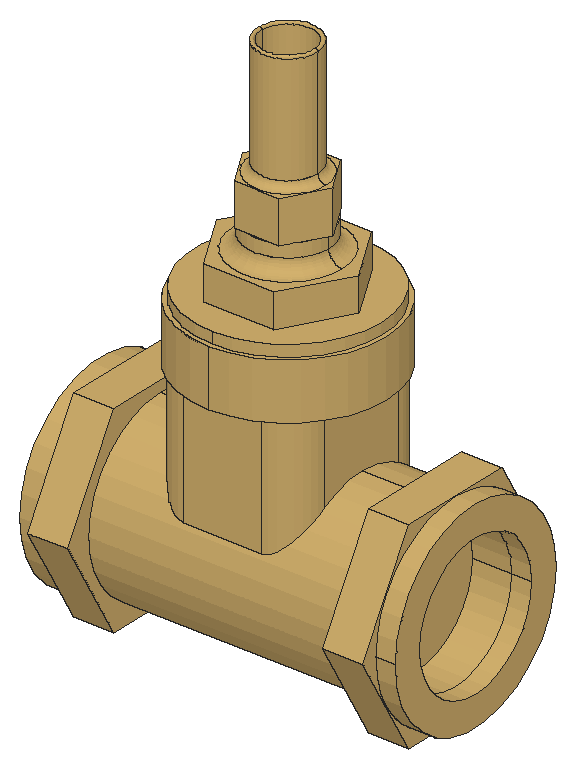
Revit family "M_Gate Valve_Bronze_Compression_Ended_15 to 50 mm", category Pipe Accessories, Revit 2014
Parameters (values of type "50mm")
  _distributed by = ""
  _current revision = 1  # constant formula
  _author = "Mark Thompson"
  _End Nut Thickness = 21.3 mm
  _End Nut Diameter = 71 mm
  _BIMspec_GUID = 0
  Weight (kg) = 2.5
  WarrantyStartDate = ""
  WarrantyGuarantorParts = ""
  WarrantyGuarantorLabor = ""
  WarrantyDurationUnit = "12 months"
  WarrantyDurationParts = ""
  WarrantyDurationLabor = ""
  WarrantyDuration = "12 months"
  WarrantyDescription = ""
  Valve Material = Brass, Soft Yellow
  Uniclass2 = "WR-90-94-95"
  URL = ""
  UK End Connection = "Compression ends to BS EN 1057: 2006: Half hard R250"
  TypeName = ""
  Type Comments = "54mm"
  _Top of Stem = 57.5 mm
  Tommy Bar = "Mild Steel"
  Temperature deg C = "-10 to 120°C"
  TagNumber = ""
  Stem Retainer = "DZR Brass BS EN 12164 CW602N"
  Stem Loop Width = Body Radius * 0.9  # 28.755 mm
  Stem Loop Length = _Bonnet Lower Radius * 1.5  # 52.5 mm
  Stem Height = B mm - (_Top of Stem + _Bonnet Lower Depth + Bonnet Upper Depth + _Packing Ring Height + _Packing Ring Neck Height)  # 57 mm
  Stem Diameter = _Lockshield Nut Diameter / 5  # 5.5 mm
  Stem Corner Radius = Connection Size / 4  # 12.5 mm
  Stem = "DZR Brass BS EN 12164 CW602N"
  Specification Notes = "Valves are manufactured in accordance with BS EN 12288: 2003 (formerly BS 5154) PN20 for Series B ratings, but are limited to the pressure/temperature ratings detailed in BS EN 1057: 2006 for compression end fittings. This valve is to be used on Group 2 liquids only as defined by the Pressure Equipment Directive 97/23/EC."
  SpareParts = ""
  SerialNumber = ""
  ReplacementCost = ""
  Product Page URL = ""
  Product Model [instance] = "30CLS"
  Product Documentation Link = "http://www.hattersley.com/documents/Fig_30C_30CLS_Gate_Valve_Hattersley_0813_v3.pdf"
  Product Description = "Bronze Compression Ended Gate Valve with Lockshield"
  Pressure Rating (Cat) = "PN16"
  Pressure (BAR) = "http://www.hattersley.com/documents/Fig_30C_30CLS_Gate_Valve_Hattersley_0813_v3.pdf"
  _Packing Ring Neck Height = 9.5 mm
  Packing Ring Neck Diameter = Packing Ring Diameter / 3  # 14.444 mm
  _Packing Ring Height = 12 mm
  Packing Ring Diameter = Bonnet Upper Radius * 1.3  # 43.333 mm
  _Lockshield Nut Height = 15 mm
  _Lockshield Nut Diameter = 27.5 mm
  Packing Ring = "Asbestos Free (WRAS Listed and Approved)"
  Operator = "Lockshield"
  Name = ""
  ModelNumber = ""
  Model = "30C"
  Manufacturer = "Hattersley Ltd"
  Loss Method = K Coefficient
  Lockshield = "Brass BS EN 12164 CW614N"
  Keynote = "S"
  K Coefficient = 230
  InstallationDate = ""
  ID Plate = "Aluminium"
  H2 mm = A mm / 3 * 2  # 88.667 mm
  Gland = "Brass BS EN 12164 CW614N"
  F mm = 100 mm
  Extidentifier = ""
  ExpectedLife = 0
  Exidentifier = ""
  E mm = 125 mm
  DurationUnit = ""
  DocumentationLink URL = "http://www.hattersley.com/documents/Fig_30C_30CLS_Gate_Valve_Hattersley_0813_v3.pdf"
  Disc = "Bronze BS EN 1982 CC491K"
  Description = "Hattersley gate valves offer the ultimate in dependable service wherever minimum pressure drop is important.They serve as efficient stop valves with fluid flow in either direction. The straight through design offers little resistance to flow and reduces pressure drop to a minimum. A gate-like disc - actuated by a stem screw and handwheel - moves up and down at right angles to the path of flow, and seats against two seat faces to shut off the flow. Gate valves are not recommended for throttling since the control characteristic is not appropriate and subsequent damage due to erosion may prevent the valve providing an effective shut off."
  D mm = 37 mm
  CreatedOn = ""
  CreatedBy = ""
  ConnectionType = ""
  Connection Size Radius = Connection Size / 2  # 25 mm
  Connection Size = 50 mm
  Compression Olive = "Brass BS EN 12449:1999 CW505L or CW507L"
  Compression Nut = "Brass BS EN 12165 CW617N"
  Box Spanner = "Mild Steel"
  Bonnet Upper Depth = _Bonnet Lower Depth / 5  # 4 mm
  Bonnet Upper Radius = _Bonnet Lower Radius / 1.05  # 33.333 mm
  _Bonnet Lower Depth = 20 mm
  _Bonnet Lower Radius = 35 mm
  Bonnet = "Bronze BS EN 1982 CC491K"
  Body Width = A mm - (2 * _End Nut Thickness)  # 90.4 mm
  Body Radius = _End Nut Diameter * 0.45  # 31.95 mm
  Body = "Bronze BS EN 1982 CC491K"
  Barcode_2 = 0
  BarCode = ""
  B mm = 160 mm
  Assetidentifier_2 = ""
  AssetType = ""
  AssetIdentifier = ""
  Assembly Code = "D30"
  Approvals = "WRAS"
  A mm = 133 mm
Types (6, lengths in mm): name | _distributed by | _End Nut Thickness | _End Nut Diameter | Weight (kg) | URL | Type Comments | _Top of Stem | Stem Loop Width | Stem Loop Length | Stem Height | Stem Diameter | Stem Corner Radius | Product Page URL | _Packing Ring Neck Height | Packing Ring Neck Diameter | _Packing Ring Height | Packing Ring Diameter | _Lockshield Nut Height | _Lockshield Nut Diameter | Model | K Coefficient | H2 mm | Gland | E mm | D mm | Connection Size Radius | Connection Size | Bonnet Upper Depth | Bonnet Upper Radius | _Bonnet Lower Depth | _Bonnet Lower Radius | Body Width | Body Radius | B mm | A mm
  15mm | "www.bimstore.co.uk" | 14.3 | 25.4 | 0.34 | "http://www.hattersley.com/" | "15mm" | 18 | 10.287 | 22.5 | 37.96 | 3.38 | 3.75 | "http://www.hattersley.com/productView.asp?prodID=156&catID=2" | 3 | 6.19 | 8 | 18.571 | 10.8 | 16.9 | "30CLS" | 14 | 46 | "" | 90 | 26.5 | 7.5 | 15 | 1.84 | 14.286 | 9.2 | 15 | 40.4 | 11.43 | 78 | 69
  20mm | "www.bimstore.co.uk" | 14.3 | 33.9 | 0.5 | "http://www.hattersley.com/" | "22mm" | 22.5 | 13.729 | 25.95 | 41.84 | 3.38 | 5 | "http://www.hattersley.com/productView.asp?prodID=156&catID=2" | 3.2 | 7.14 | 9.5 | 21.419 | 10.8 | 16.9 | "30C" | 32 | 50 | "" | 90 | 23.5 | 10 | 20 | 2.16 | 16.476 | 10.8 | 17.3 | 46.4 | 15.255 | 90 | 75
  25mm | "www.bimstore.co.uk" | 15.7 | 39.5 | 0.7 | "http://www.hattersley.com/" | "28mm" | 28.5 | 15.998 | 31.5 | 51.3 | 4.2 | 6.25 | "http://www.hattersley.com/productView.asp?prodID=156&catID=2" | 5.7 | 8.667 | 9.5 | 26 | 13.5 | 21 | "30C" | 57 | 57.333 | "Brass BS EN 12164 CW614N" | 125 | 25.5 | 12.5 | 25 | 2.5 | 20 | 12.5 | 21 | 54.6 | 17.775 | 110 | 86
  32mm | "www.bimstore.co.uk" | 17.1 | 47 | 0.95 | "http://www.hattersley.com/" | "35mm" | 35 | 19.035 | 37.5 | 45.5 | 4.2 | 8 | "http://www.hattersley.com/productView.asp?prodID=156&catID=2" | 5.7 | 10.317 | 10.2 | 30.952 | 13.5 | 21 | "30C" | 90 | 66.667 | "Brass BS EN 12164 CW614N" | 125 | 30.5 | 16 | 32 | 3.1 | 23.81 | 15.5 | 25 | 65.8 | 21.15 | 115 | 100
  40mm | "www.bimstore.co.uk" | 18 | 55.5 | 1.45 | "http://www.hattersley.com/" | "42mm" | 41 | 22.478 | 42 | 56.2 | 5 | 10 | "http://www.hattersley.com/productView.asp?prodID=156&catID=2" | 6 | 11.556 | 11.8 | 34.667 | 15 | 25 | "30C" | 129 | 74 | "Brass BS EN 12164 CW614N" | 125 | 34.5 | 20 | 40 | 3.5 | 26.667 | 17.5 | 28 | 75 | 24.975 | 136 | 111
  50mm | "" | 21.3 | 71 | 2.5 | "" | "54mm" | 57.5 | 28.755 | 52.5 | 57 | 5.5 | 12.5 | "" | 9.5 | 14.444 | 12 | 43.333 | 15 | 27.5 | "30C" | 230 | 88.667 | "Brass BS EN 12164 CW614N" | 125 | 37 | 25 | 50 | 4 | 33.333 | 20 | 35 | 90.4 | 31.95 | 160 | 133
Reference planes
  plane 1 "Center (Front/Back)": y = 0
  plane 2: z = 0
  plane 3 "Center (Left/Right)": x = 0
  plane 4: x = -66.5
  plane 5: x = -45.2
  plane 6: x = 45.2
  plane 7: x = 66.5
  plane 8: z = 57.5
  plane 9: z = 77.5
  plane 10: z = 81.5
  plane 11: x = -26.25
  plane 12: x = 26.25
  plane 13: y = -28.755
  plane 14: y = 28.755
  plane 15: z = 160
  plane 16: y = 25
  plane 17: y = -25
  plane 18: y = -14.377
  plane 19: x = -18.5
  plane 20: x = 18.5
  plane 21: y = 44.333
  plane 22: y = -44.333
Forms (mm)
  Revolve 1, solid, material "Brass, Soft Yellow" <- "Valve Material", detail levels fine
    sketch origin (0, 0, 0) x (1, 0, 0) y (0, 0, 1)
      loop
        line (-45.2, 0) -> (45.2, 0) -> (45.2, 31.95) -> (-45.2, 31.95) -> (-45.2, 0)
      axis (-45.2, 0) -> (45.2, 0)
    angle from 0 to 360
  Extrusion 2, solid, material "Brass, Soft Yellow" <- "Valve Material", detail levels fine
    sketch origin (0, 0, 0) x (1, 0, 0) y (0, 1, 0)
      loop
        arc (-13.75, 28.755) -> (-22.589, 25.094) -> (-26.25, 16.255) r 12.5
        line (-26.25, 16.255) -> (-26.25, -16.255)
        arc (-26.25, -16.255) -> (-22.589, -25.094) -> (-13.75, -28.755) r 12.5
        line (-13.75, -28.755) -> (13.75, -28.755)
        arc (13.75, -28.755) -> (22.589, -25.094) -> (26.25, -16.255) r 12.5
        line (26.25, -16.255) -> (26.25, 16.255)
        arc (26.25, 16.255) -> (22.589, 25.094) -> (13.75, 28.755) r 12.5
        line (13.75, 28.755) -> (-13.75, 28.755)
    from 0 to 57.5
Cuts and joins
  joined: Revolve 1, Extrusion 2
Lines and regions (mm)
  reference lines
    curve 1: line (-66.5, 0, 0) -> (66.5, 0, 0)
  model lines, detail levels coarse+medium
    curve 2: line (-66.5, -44.333, 0) -> (-66.5, 44.333, 0)
    curve 3: line (-66.5, 44.333, 0) -> (66.5, -44.333, 0)
    curve 4: line (66.5, -44.333, 0) -> (66.5, 44.333, 0)
    curve 5: line (66.5, 44.333, 0) -> (-66.5, -44.333, 0)
Dimensions and locks
  "A mm": plane 7 to plane 4
  equal spacing: plane 7, plane 3 "Center (Left/Right)", plane 4
  equal spacing: plane 6, plane 3 "Center (Left/Right)", plane 5
  "Body Width": plane 6 to plane 5
  "Body Radius": Revolve 1 sketch curve to Revolve 1 sketch curve
  equal spacing: plane 12, plane 3 "Center (Left/Right)", plane 11
  "Stem Loop Length": plane 12 to plane 11
  equal spacing: plane 13, plane 1 "Center (Front/Back)", plane 14
  "Stem Loop Width": plane 13 to plane 1 "Center (Front/Back)"
  "_Top of Stem": plane 8 to level
  "_Bonnet Lower Depth": plane 9 to plane 8
  "Bonnet Upper Depth": plane 10 to plane 9
  "B mm": plane 15 to level
  equal spacing: plane 17, plane 1 "Center (Front/Back)", plane 16
  "Connection Size": plane 16 to plane 17
  equal spacing: plane 13, plane 18, plane 1 "Center (Front/Back)"
  equal spacing: plane 20, plane 3 "Center (Left/Right)", plane 19
  "D mm": plane 20 to plane 19
  equal spacing: plane 21, plane 1 "Center (Front/Back)", plane 22
  "H2 mm": plane 21 to plane 22
  "Stem Corner Radius": radius of Extrusion 2 sketch curve  (x4)
  aligned and locked: level to plane 2
  aligned and locked: Revolve 1 sketch curve to level
  aligned and locked: Revolve 1 sketch curve to plane 5
  aligned and locked: Revolve 1 sketch curve to plane 6
  aligned and locked: plane 1 "Center (Front/Back)" to nested 2
  aligned and locked: plane 3 "Center (Left/Right)" to nested 2
  aligned and locked: plane 13 to Extrusion 2 sketch curve
  aligned and locked: plane 12 to Extrusion 2 sketch curve
  aligned and locked: Extrusion 2 sketch curve to plane 14
  aligned and locked: plane 11 to Extrusion 2 sketch curve
  aligned and locked: Extrusion 2 to level
  aligned and locked: plane 8 to Extrusion 2
  aligned and locked: plane 1 "Center (Front/Back)" to nested 1
  aligned and locked: nested 1 to plane 3 "Center (Left/Right)"
  aligned and locked: plane 4 to curve 1
  aligned and locked: plane 7 to curve 1
  aligned and locked: plane 1 "Center (Front/Back)" to curve 1
  aligned and locked: nested 3 to level
  aligned and locked: nested 3 to plane 1 "Center (Front/Back)"
  aligned and locked: nested 3 to plane 2
  aligned and locked: plane 1 "Center (Front/Back)" to nested 5
  aligned and locked: plane 3 "Center (Left/Right)" to nested 5
Automatic sketch dimensions
  curve 5 to plane 4 = 0 mm
  curve 4 to plane 7 = 0 mm
  curve 4 to plane 22 = 0 mm
  curve 2 to plane 22 = 0 mm
  curve 5 to plane 21 = 0 mm
  curve 3 to plane 21 = 0 mm
  Revolve 1 sketch curve to level = 0 mm
  Revolve 1 sketch curve to plane 4 = 1135.537 mm
  plane 7 to Revolve 1 sketch curve = 1740.029 mm
  Extrusion 2 sketch curve to plane 11 = 0 mm
Nested families
  nested 1: "Bonnet" at (0, 0, 57.5) x (0, -1, 0) z (0, 0, 1), type "Bonnet", detail levels fine
    with Upper Radius 33.333 mm, Upper Depth 4 mm, Lower Depth 20 mm
  nested 2: "Packing_Ring" at (0, 0, 81.5), type "Packing Ring", detail levels fine
    with Packing Ring Neck Radius 14.444 mm, Packing Ring Neck Height 9.5 mm, Packing Ring Hex Dia 43.333 mm, Packing Ring Hex Height 12 mm, Curve Radius 4.815 mm
  nested 3: "Compression_Nut" at (45.2, 0, 0) x (0, 1, 0) z (1, 0, 0), type "Compression_Nut", detail levels fine
    with Protrusion Radius 35.5 mm, Protrusion Depth 7.1 mm, Diameter 71 mm, Connection Size Radius 25 mm, Connection Hex Depth 21.3 mm
  nested 4: "Compression_Nut" at (-45.2, 0, 0) x (0, 0.5, 0.866) z (-1, 0, 0), type "Compression_Nut", detail levels fine
    with Protrusion Radius 35.5 mm, Protrusion Depth 7.1 mm, Diameter 71 mm, Connection Size Radius 25 mm, Connection Hex Depth 21.3 mm
  nested 5: "Lockshield" at (0, 0, 103), type "Lockshield", detail levels fine
    with Top Curve 0.661 mm, Neck Thickness 1.322 mm, Lockshield Neck Radius 10.577 mm, Lockshield Hex Diameter 27.5 mm, Lockshield Height 57 mm, Edge Curve 2.75 mm
Connectors
  piping at (66.5, 0, 0), diameter 50, driven by "Connection Size Radius", driven by "K Coefficient"
    settings: on curve 1, index 1, connector inside diameter 22 mm, connector length 0 mm, flow factor 0, pipe flow 0.0 L/s, pressure drop 0.0 Pa, fitting loss kfactor 230, connector angle 0.00°, fixture units 0, engagement length 0 mm, angle of deflection 0.00°, flow configuration 0, flow direction 0, fitting loss method 2, system type 7, joint type 0, gender type 0, connector reference index 2, connector utility 0, adjustable connector no, is connector primary yes, connector description ""
  piping at (-66.5, 0, 0), diameter 50, driven by "Connection Size Radius", driven by "K Coefficient"
    settings: on curve 1, index 2, connector inside diameter 22 mm, connector length 0 mm, flow factor 0, pipe flow 0.0 L/s, pressure drop 0.0 Pa, fitting loss kfactor 230, connector angle 0.00°, fixture units 0, engagement length 0 mm, angle of deflection 0.00°, flow configuration 0, flow direction 0, fitting loss method 2, system type 7, joint type 0, gender type 0, connector reference index 1, connector utility 0, adjustable connector no, is connector primary no, connector description ""
Definition of nested family "Bonnet"
  Parameters (values of type "Bonnet")
    Upper Radius = 36.5 mm
    Upper Depth = 17 mm
    Bonnet Material = Brass, Soft Yellow
    Lower Radius = 35 mm
    Lower Depth = 8 mm
    Default Elevation = 0 mm
  Reference planes
    plane 1 "Center (Front/Back)": y = 0
    plane 2: z = 0
    plane 3 "Center (Left/Right)": x = 0
    plane 4: z = 8
    plane 5: z = 25
  Forms (mm)
    Extrusion 1, solid
      sketch origin (0, 0, 0) x (1, 0, 0) y (0, 1, 0)
        loop
          line (-1219.2, 1219.2) -> (-1219.2, -1219.2) -> (1219.2, -1219.2) -> (1219.2, 1219.2) -> (-1219.2, 1219.2)
      from 0 to -304.8
    Extrusion 2, solid, material "Brass, Soft Yellow" <- "Bonnet Material"
      sketch origin (0, 0, 0) x (1, 0, 0) y (0, 1, 0)
        loop
          circle (0, 0) r 36.5
      from 8 to 25
    Extrusion 3, solid, material "Brass, Soft Yellow" <- "Bonnet Material"
      sketch origin (0, 0, 0) x (1, 0, 0) y (0, 1, 0)
        loop
          circle (0, 0) r 35
      from 0 to 8
  Dimensions and locks
    "Lower Depth": plane 4 to level
    "Upper Depth": plane 5 to plane 4
    "Lower Radius": radius of Extrusion 3 sketch curve
    "Upper Radius": radius of Extrusion 2 sketch curve
    aligned and locked: plane 2 to Extrusion 1
    aligned and locked: level to Extrusion 1
    aligned and locked: plane 4 to Extrusion 3
    aligned and locked: Extrusion 2 to plane 5
    aligned and locked: Extrusion 2 to plane 4
  Automatic sketch dimensions
    Extrusion 1 sketch curve to Extrusion 1 sketch curve = 2438.4 mm  (x2)
    plane 1 "Center (Front/Back)" to Extrusion 2 sketch curve = 0 mm
    Extrusion 2 sketch curve to plane 3 "Center (Left/Right)" = 0 mm
    plane 1 "Center (Front/Back)" to Extrusion 3 sketch curve = 0 mm
    Extrusion 3 sketch curve to plane 3 "Center (Left/Right)" = 0 mm
Definition of nested family "Packing_Ring"
  Parameters (values of type "Packing Ring")
    Packing Ring Neck Height = 6 mm
    Packing Ring Material = Brass, Soft Yellow
    Packing Ring Hex Dia = 20.429 mm
    Packing Ring Hex Height = 9 mm
    Packing Ring Neck Radius = 6.81 mm
    Default Elevation = 1219.2 mm
    Curve Radius = Packing Ring Hex Dia / 9  # 2.27 mm
  Reference planes
    plane 1 "Center (Front/Back)": y = 0
    plane 2: z = 0
    plane 3 "Center (Left/Right)": x = 0
    plane 4: through (116.154, 221.613, 1219.2) normal (0.866, -0.5, 0)
    plane 5: through (107.569, 186.315, 1219.2) normal (0.866, -0.5, 0)
    plane 6: through (116.415, 181.208, 1219.2) normal (0.866, -0.5, 0)
    plane 7: through (-116.154, 221.613, 1219.2) normal (0.866, 0.5, 0)
    plane 8: through (-107.569, 186.315, 1219.2) normal (0.866, 0.5, 0)
    plane 9: through (-116.415, 181.208, 1219.2) normal (0.866, 0.5, 0)
    plane 10: y = 10.214
    plane 11: y = -10.214
    plane 12: z = 9
    plane 13: z = 15
    plane 14: x = 9.079
    plane 15: x = 6.81
    plane 16: z = 11.27
  Forms (mm)
    Extrusion 1, solid
      sketch origin (0, 0, 0) x (1, 0, 0) y (0, 1, 0)
        loop
          line (-1219.2, 1219.2) -> (-1219.2, -1219.2) -> (1219.2, -1219.2) -> (1219.2, 1219.2) -> (-1219.2, 1219.2)
      from 0 to -304.8
    Extrusion 2, solid, material "Brass, Soft Yellow" <- "Packing Ring Material"
      sketch origin (0, 0, 0) x (1, 0, 0) y (0, 1, 0)
        loop
          line (11.794, 0) -> (5.897, 10.214) -> (-5.897, 10.214) -> (-11.794, 0) -> (-5.897, -10.214) -> (5.897, -10.214) -> (11.794, 0)
      from 0 to 9
    Revolve 3, solid, material "Brass, Soft Yellow" <- "Packing Ring Material"
      sketch origin (0, 0, 0) x (1, 0, 0) y (0, 0, 1)
        loop
          line (0, 9) -> (9.079, 9)
          arc (9.079, 9) -> (7.474, 9.665) -> (6.81, 11.27) r 2.27
          line (6.81, 11.27) -> (6.81, 15) -> (0, 15) -> (0, 9)
        axis (0, 15) -> (0, 9)
      angle from 0 to 360
  Cuts and joins
    joined: Extrusion 2, Revolve 3
  Dimensions and locks
    equal spacing: plane 10, plane 1 "Center (Front/Back)", plane 11
    "Packing Ring Hex Dia": plane 10 to plane 11
    equal spacing: plane 6, plane 5, plane 4
    "Packing Ring Hex Dia": plane 6 to plane 4
    equal spacing: plane 9, plane 8, plane 7
    "Packing Ring Hex Dia": plane 9 to plane 7
    "Packing Ring Hex Height": plane 12 to level
    "Packing Ring Neck Height": plane 13 to plane 12
    "Curve Radius": plane 14 to plane 15
    "Packing Ring Neck Radius": plane 15 to plane 3 "Center (Left/Right)"
    "Curve Radius": plane 16 to plane 12
    "Curve Radius": radius of Revolve 3 sketch curve
    aligned and locked: plane 2 to Extrusion 1
    aligned and locked: level to Extrusion 1
    aligned and locked: Extrusion 2 sketch curve to plane 4
    aligned and locked: plane 10 to Extrusion 2 sketch curve
    aligned and locked: Extrusion 2 sketch curve to plane 7
    aligned and locked: plane 6 to Extrusion 2 sketch curve
    aligned and locked: Extrusion 2 sketch curve to plane 11
    aligned and locked: plane 9 to Extrusion 2 sketch curve
    aligned and locked: plane 12 to Extrusion 2
    aligned and locked: Extrusion 2 to level
    aligned and locked: Revolve 3 sketch curve to plane 3 "Center (Left/Right)"  (x2)
    aligned and locked: Revolve 3 sketch curve to plane 12
    aligned and locked: Revolve 3 sketch curve to plane 13
    aligned and locked: Revolve 3 sketch curve to plane 15
  Automatic sketch dimensions
    Extrusion 1 sketch curve to Extrusion 1 sketch curve = 2438.4 mm  (x2)
    Revolve 3 sketch curve to level = 609.6 mm
    Revolve 3 sketch curve to Revolve 3 sketch curve = 2586.558 mm
Definition of nested family "Compression_Nut"
  Parameters (values of type "Compression_Nut")
    Valve Material = Brass, Soft Yellow
    Protrusion Radius = Diameter / 2  # 13.2 mm
    Protrusion Depth = Connection Hex Depth / 3  # 3.467 mm
    Diameter = 26.4 mm
    Default Elevation = 1219.2 mm
    Connection Size Radius = 4 mm
    Connection Hex Depth = 10.4 mm
  Reference planes
    plane 1 "Center (Front/Back)": y = 0
    plane 2: z = 0
    plane 3 "Center (Left/Right)": x = 0
    plane 4: y = 13.2
    plane 5: y = -13.2
    plane 6: through (-15, -25.981, 1219.2) normal (-0.866, 0.5, 0)
    plane 7: through (15, -25.981, 1219.2) normal (-0.866, -0.5, 0)
    plane 8: through (26.432, -19.381, 1219.2) normal (-0.866, -0.5, 0)
    plane 9: through (3.568, -32.581, 1219.2) normal (-0.866, -0.5, 0)
    plane 10: through (-26.432, -19.381, 1219.2) normal (-0.866, 0.5, 0)
    plane 11: through (-3.568, -32.581, 1219.2) normal (-0.866, 0.5, 0)
    plane 12: z = 6.933
    plane 13: z = 10.4
  Forms (mm)
    Extrusion 1, solid
      sketch origin (0, 0, 0) x (1, 0, 0) y (0, 1, 0)
        loop
          line (-1219.2, 1219.2) -> (-1219.2, -1219.2) -> (1219.2, -1219.2) -> (1219.2, 1219.2) -> (-1219.2, 1219.2)
      from 0 to -304.8
    Extrusion 2, solid, material "Brass, Soft Yellow" <- "Valve Material"
      sketch origin (0, 0, 0) x (1, 0, 0) y (0, 1, 0)
        loop
          line (-15.242, 0) -> (-7.621, -13.2) -> (7.621, -13.2) -> (15.242, 0) -> (7.621, 13.2) -> (-7.621, 13.2) -> (-15.242, 0)
        loop
          circle (0, 0) r 4
      from 0 to 6.933
    Extrusion 3, solid, material "Brass, Soft Yellow" <- "Valve Material"
      sketch origin (0, 0, 0) x (1, 0, 0) y (0, 1, 0)
        loop
          circle (0, 0) r 13.2
        loop
          circle (0, 0) r 4
      from 6.933 to 10.4
  Cuts and joins
    joined: Extrusion 2, Extrusion 3
  Dimensions and locks
    equal spacing: plane 4, plane 1 "Center (Front/Back)", plane 5
    "Diameter": plane 4 to plane 5
    equal spacing: plane 9, plane 7, plane 8
    equal spacing: plane 10, plane 6, plane 11
    "Diameter": plane 9 to plane 8
    "Diameter": plane 10 to plane 11
    "Connection Hex Depth": plane 13 to Extrusion 1
    "Protrusion Depth": plane 13 to plane 12
    "Connection Size Radius": radius of Extrusion 2 sketch curve
    "Protrusion Radius": radius of Extrusion 3 sketch curve
    "Connection Size Radius": radius of Extrusion 3 sketch curve
    aligned and locked: plane 2 to Extrusion 1
    aligned and locked: level to Extrusion 1
    aligned and locked: Extrusion 2 sketch curve to plane 10
    aligned and locked: Extrusion 2 sketch curve to plane 9
    aligned and locked: Extrusion 2 sketch curve to plane 5
    aligned and locked: Extrusion 2 sketch curve to plane 11
    aligned and locked: Extrusion 2 sketch curve to plane 8
    aligned and locked: Extrusion 2 sketch curve to plane 4
    aligned and locked: plane 1 "Center (Front/Back)" to Extrusion 2 sketch curve
    aligned and locked: plane 3 "Center (Left/Right)" to Extrusion 2 sketch curve
    aligned and locked: plane 12 to Extrusion 2
    aligned and locked: plane 1 "Center (Front/Back)" to Extrusion 3 sketch curve  (x2)
    aligned and locked: plane 3 "Center (Left/Right)" to Extrusion 3 sketch curve  (x2)
    aligned and locked: plane 13 to Extrusion 3
    aligned and locked: Extrusion 3 to plane 12
  Automatic sketch dimensions
    Extrusion 1 sketch curve to Extrusion 1 sketch curve = 2438.4 mm  (x2)
Definition of nested family "Lockshield"
  Parameters (values of type "Lockshield")
    Top Curve = Neck Thickness / 2  # 0.601 mm
    Neck Thickness = Lockshield Neck Radius / 8  # 1.202 mm
    Lockshield Neck Thickness = 2.375 mm
    Lockshield Neck Radius = Lockshield Hex Diameter / 2.6  # 9.615 mm
    Lockshield Material = Brass, Soft Yellow
    Lockshield Hex Height = 15 mm
    Lockshield Hex Diameter = 25 mm
    Lockshield Height = 38.3 mm
    Edge Curve = Lockshield Hex Diameter / 10  # 2.5 mm
    Default Elevation = 1219.2 mm
  Reference planes
    plane 1 "Center (Front/Back)": y = 0
    plane 2: z = 0
    plane 3 "Center (Left/Right)": x = 0
    plane 4: through (114.175, 222.756, 1219.2) normal (0.866, -0.5, 0)
    plane 5: through (107.569, 186.315, 1219.2) normal (0.866, -0.5, 0)
    plane 6: through (118.394, 180.065, 1219.2) normal (0.866, -0.5, 0)
    plane 7: through (-114.175, 222.756, 1219.2) normal (0.866, 0.5, 0)
    plane 8: through (-107.569, 186.315, 1219.2) normal (0.866, 0.5, 0)
    plane 9: through (-118.394, 180.065, 1219.2) normal (0.866, 0.5, 0)
    plane 10: y = 12.5
    plane 11: y = -12.5
    plane 12 "Nut Top": z = 15
    plane 13: z = 38.3
    plane 14: x = 9.615
    plane 15: x = 8.413
  Forms (mm)
    Extrusion 1, solid
      sketch origin (0, 0, 0) x (1, 0, 0) y (0, 1, 0)
        loop
          line (-1219.2, 1219.2) -> (-1219.2, -1219.2) -> (1219.2, -1219.2) -> (1219.2, 1219.2) -> (-1219.2, 1219.2)
      from 0 to -304.8
    Extrusion 2, solid, material "Brass, Soft Yellow" <- "Lockshield Material"
      sketch origin (0, 0, 0) x (1, 0, 0) y (0, 1, 0)
        loop
          line (14.434, 0) -> (7.217, 12.5) -> (-7.217, 12.5) -> (-14.434, 0) -> (-7.217, -12.5) -> (7.217, -12.5) -> (14.434, 0)
      from 0 to 15
    Revolve 3, solid, material "Brass, Soft Yellow" <- "Lockshield Material"
      sketch origin (0, 0, 0) x (1, 0, 0) y (0, 0, 1)
        loop
          arc (9.615, 37.699) -> (9.014, 38.3) -> (8.413, 37.699) r 0.601
          line (8.413, 37.699) -> (8.413, 15) -> (9.615, 15) -> (9.615, 37.699)
        axis (0, 37.699) -> (0, 15)
      angle from 0 to 360
    Sweep 4, solid, material "Brass, Soft Yellow" <- "Lockshield Material"
      path origin (0, 0, 15) x (-1, 0, 0) y (0, -1, 0)
        loop
          circle (0, 0) r 9.615
      profile origin (0, -9.615, 15) x (0, 1, 0) y (0, 0, 1)
        loop
          line (-2.5, 0) -> (0, 0) -> (0, 2.5)
          arc (0, 2.5) -> (-0.732, 0.732) -> (-2.5, 0) r 2.5
  Cuts and joins
    joined: Extrusion 2, Revolve 3, Sweep 4
  Dimensions and locks
    equal spacing: plane 10, plane 1 "Center (Front/Back)", plane 11
    equal spacing: plane 6, plane 5, plane 4
    equal spacing: plane 9, plane 8, plane 7
    "Lockshield Hex Height": plane 12 "Nut Top" to level
    "Lockshield Neck Radius": plane 14 to plane 3 "Center (Left/Right)"
    "Lockshield Height": plane 13 to level
    "Neck Thickness": plane 14 to plane 15
    "Top Curve": plane 13 to Revolve 3 sketch curve
    "Lockshield Hex Diameter": plane 9 to plane 7
    "Lockshield Hex Diameter": plane 10 to plane 11
    "Lockshield Hex Diameter": plane 6 to plane 4
    "Lockshield Neck Radius": radius of Sweep 4 sketch curve
    "Edge Curve": radius of Sweep 4 sketch curve
    aligned and locked: plane 2 to Extrusion 1
    aligned and locked: level to Extrusion 1
    aligned and locked: Extrusion 2 sketch curve to plane 4
    aligned and locked: plane 10 to Extrusion 2 sketch curve
    aligned and locked: Extrusion 2 sketch curve to plane 7
    aligned and locked: plane 6 to Extrusion 2 sketch curve
    aligned and locked: Extrusion 2 sketch curve to plane 11
    aligned and locked: plane 9 to Extrusion 2 sketch curve
    aligned and locked: plane 12 "Nut Top" to Extrusion 2
    aligned and locked: Extrusion 2 to level
    aligned and locked: Revolve 3 sketch curve to plane 3 "Center (Left/Right)"
    aligned and locked: Revolve 3 sketch curve to plane 14
    aligned and locked: Revolve 3 sketch curve to plane 15
    aligned and locked: Revolve 3 sketch curve to plane 12 "Nut Top"
    aligned and locked: Sweep 4 sketch curve to plane 12 "Nut Top"
    aligned and locked: profile plane to Sweep 4 sketch curve
  Automatic sketch dimensions
    Extrusion 1 sketch curve to Extrusion 1 sketch curve = 2438.4 mm  (x2)
    Revolve 3 sketch curve to level = 609.6 mm
    plane 13 to Revolve 3 sketch curve = 2586.558 mm
    plane 1 "Center (Front/Back)" to Sweep 4 sketch curve = 0 mm
    Sweep 4 sketch curve to plane 3 "Center (Left/Right)" = 0 mm
    Sweep 4 sketch curve to plane 12 "Nut Top" = 0 mm
    Sweep 4 sketch curve to profile plane = 0 mm
    Sweep 4 sketch curve to Sweep 4 sketch curve = 0 mm  (x2)
